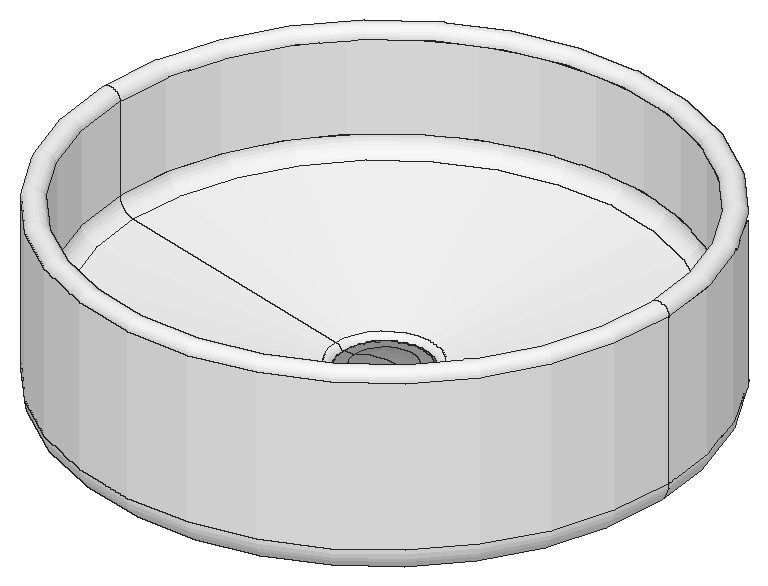
Revit family "113941001_Lavamanos Toscano", category Plumbing Fixtures, host Face, Revit 2020
Family settings
  Host = Face
  Round Connector Dimension = Use Diameter
  Part Type = Normal
  OmniClass Number = 23.31.13.11
  OmniClass Title = Single Sinks
  Cut with Voids When Loaded = No
  Shared = No
  Room Calculation Point = No
Parameters
  Uso = "Residencial"  # constant formula
  URL = "https://corona.co/productos/lavamanos/lavamanos-toscano-para-sobreponer-con-desague/p/113941001"
  Referencia = "113941001"  # constant formula
  Profundidad del Pozo = "10.7 cm"  # constant formula
  Profundidad = 342 mm
  Pozo = "34.2 cms x 34.2 cms x 10.7 cms."  # constant formula
  Peso = "11 lbs. (5.2 kg)."  # constant formula
  Normatividad = "ASME/ANSI A112.19.2Garantía."  # constant formula
  Model = "Toscano"  # constant formula
  Material 2 = Corona_Acero inoxidable
  Material = Corona_Porcelana_Sanitaria
  Manufacturer = "Corona"  # constant formula
  Garantía = "Garantía Integral de por vida."  # constant formula
  Forma = "Redondo"  # constant formula
  Fecha de creación = "07/04/2021"  # constant formula
  Description = "Está elaborado en porcelana sanitaria y cuenta con el tamaño 34.2 x 34. 2 x 10.7 cm."  # constant formula
  Default Elevation = 1219.2 mm
  Creado por = "BIMBAU"  # constant formula
  Colección = "Minimal ll"  # constant formula
  Ancho = 342 mm
  Alto = 107 mm
Reference planes
  plane 1 "Center (Front/Back)": y = 0
  plane 2: z = 0
  plane 3 "Center (Left/Right)": x = 0
  plane 4: y = -171
  plane 5: y = 171
  plane 6: x = -171
  plane 7: x = 171
  plane 8: z = 107
Forms (mm)
  Extrusion 1, solid, material "Corona_Porcelana_Sanitaria" <- "Material", detail levels coarse
    sketch origin (0, 0, 0) x (1, 0, 0) y (0, 1, 0)
      loop
        line (-171, 171) -> (-171, -171) -> (171, -171) -> (171, 171) -> (-171, 171)
    from 0 to 110.282
  Extrusion 2, solid, not visible
    sketch origin (0, 0, 0) x (1, 0, 0) y (0, 0, 1)
      loop
        circle (0, -289.858) r 30
      loop
        circle (106.342, -196.214) r 20
      loop
        circle (-103.506, -195.363) r 20
    from -171 to -162.347
Dimensions and locks
  equal spacing: plane 6, plane 3 "Center (Left/Right)", plane 7
  "Ancho": plane 6 to plane 7
  equal spacing: plane 4, plane 1 "Center (Front/Back)", plane 5
  "Profundidad": plane 4 to plane 5
  "Alto": plane 8 to host face
  aligned and locked: plane 2 to host face
  aligned and locked: level to host face
Automatic sketch dimensions
  host sketch curve to host sketch curve = 692.292 mm
  host sketch curve to host sketch curve = 642.259 mm
  Extrusion 1 sketch curve to plane 4 = 0 mm
  Extrusion 1 sketch curve to plane 6 = 0 mm
  Extrusion 1 sketch curve to plane 7 = 0 mm
  plane 5 to Extrusion 1 sketch curve = 0 mm
  Extrusion 2 sketch curve to plane 3 "Center (Left/Right)" = 0 mm
  Extrusion 2 sketch curve to plane 6 = 67.494 mm
  Extrusion 2 sketch curve to plane 7 = 64.658 mm
  Extrusion 2 sketch curve to level = 289.858 mm
  Extrusion 2 sketch curve to Extrusion 2 sketch curve = 93.644 mm
  Extrusion 2 sketch curve to Extrusion 2 sketch curve = 94.495 mm
  radius of Extrusion 2 sketch curve = 30 mm
  radius of Extrusion 2 sketch curve = 20 mm  (x2)
Nested families
  nested 1: "Lavamanos Toscano" at (0, 0, 0), type "Lavamanos Toscano", detail levels medium+fine
  nested 2: "Planta" at (0, 0, 0), type "Planta"
  nested 3: "Frontal" at (0, 0, 0) x (1, 0, 0) z (0, -1, 0), type "Frontal"
  nested 4: "Lateral" at (0, 0, 0) x (0, 1, 0) z (1, 0, 0), type "Lateral"
Connectors
  piping at (0, 162.347, -289.858), diameter 50.8
    settings: on Extrusion 2, index 1, connector inside diameter 609.6 mm, connector length 0 mm, flow factor 0, pipe flow 0.0 L/s, pressure drop 0.0 Pa, fitting loss kfactor 0, connector angle 0.00°, fixture units 0, engagement length 0 mm, angle of deflection 0.00°, flow configuration 0, flow direction 2, fitting loss method 0, system type 16, joint type 0, gender type 0, connector reference index -1, connector utility 0, adjustable connector no, is connector primary yes, connector description ""
  piping at (106.342, 162.347, -196.214), diameter 50.8
    settings: on Extrusion 2, index 2, connector inside diameter 609.6 mm, connector length 0 mm, flow factor 0, pipe flow 0.0 L/s, pressure drop 0.0 Pa, fitting loss kfactor 0, connector angle 0.00°, fixture units 0, engagement length 0 mm, angle of deflection 0.00°, flow configuration 0, flow direction 1, fitting loss method 0, system type 16, joint type 0, gender type 0, connector reference index -1, connector utility 0, adjustable connector no, is connector primary no, connector description ""
  piping at (-103.506, 162.347, -195.363), diameter 50.8
    settings: on Extrusion 2, index 3, connector inside diameter 609.6 mm, connector length 0 mm, flow factor 0, pipe flow 0.0 L/s, pressure drop 0.0 Pa, fitting loss kfactor 0, connector angle 0.00°, fixture units 0, engagement length 0 mm, angle of deflection 0.00°, flow configuration 0, flow direction 1, fitting loss method 0, system type 16, joint type 0, gender type 0, connector reference index -1, connector utility 0, adjustable connector no, is connector primary no, connector description ""
Definition of nested family "Lavamanos Toscano"
  Parameters (values of type "Lavamanos Toscano")
    Material 2 = none
    Material = none
    Default Elevation = 0 mm
  Reference planes
    plane 1 "Center (Front/Back)": y = 0
    plane 2: z = 0
    plane 3 "Center (Left/Right)": x = 0
    plane 4: y = 171
    plane 5: y = -171
    plane 6: x = 171
    plane 7: x = -171
    plane 8: z = 107
  Forms (mm)
    Sweep 1, solid, material <- "Material"
      path origin (0, 0, 0) x (1, 0, 0) y (0, 1, 0)
        loop
          circle (0, 0) r 171
      profile origin (0, 171, 0) x (0, -1, 0) y (0, 0, 1)
        loop
          line (0, 104.757) -> (0, 15)
          arc (0, 15) -> (4.393, 4.393) -> (15, 0) r 15
          line (15, 0) -> (146, 0) -> (146, 15.738)
          arc (146, 15.738) -> (144.858, 18.918) -> (141.954, 20.646) r 5
          line (141.954, 20.646) -> (20.092, 44.334)
          arc (20.092, 44.334) -> (14.284, 47.789) -> (12, 54.15) r 10
          line (12, 54.15) -> (12, 104.757)
          arc (12, 104.757) -> (6, 110.757) -> (0, 104.757) r 6
    Revolve 2, solid, material <- "Material 2"
      sketch origin (0, 0, 0) x (1, 0, 0) y (0, 0, 1)
        loop
          line (-25, 17.109) -> (-25, 16.079) -> (-25, 0) -> (0, 0) -> (0, 22.186)
          arc (0, 22.186) -> (-8.674, 21.346) -> (-17.026, 18.86) r 45.243
          line (-17.026, 18.86) -> (-17.026, 18.079) -> (-24.031, 18.079)
          arc (-24.031, 18.079) -> (-24.716, 17.795) -> (-25, 17.109) r 0.969
        axis (0, 22.186) -> (0, 0)
      angle from 0 to 360
  Dimensions and locks
    plane 7 to plane 6 = 342 mm
    plane 5 to plane 4 = 342 mm
    aligned and locked: level to plane 2
Definition of nested family "Planta"
  Reference planes
    plane 1 "Center (Front/Back)": y = 0
    plane 2: z = 0
    plane 3 "Center (Left/Right)": x = 0
    plane 4: x = 171
    plane 5: x = -171
    plane 6: y = 171
    plane 7: y = -171
  Lines and regions (mm)
    Filled region 1, type "Concrete", in view "Ref. Level"
      outline origin (0, 0, 0) x (1, 0, 0) y (0, 1, 0)
        loop
          circle (0, 0) r 171
    detail lines, in view "Ref. Level"
      curve 1: circle (0, 0, 0) r 159 normal (0, 0, 1)
      curve 2: circle (0, 0, 0) r 18 normal (0, 0, 1)
      curve 3: circle (0, 0, 0) r 23 normal (0, 0, 1)
Definition of nested family "Frontal"
  Reference planes
    plane 1 "Center (Front/Back)": y = 0
    plane 2: z = 0
    plane 3 "Center (Left/Right)": x = 0
    plane 4: y = 107
    plane 5: x = 171
    plane 6: x = -171
  Lines and regions (mm)
    Filled region 1, type "Concrete", in view "Ref. Level"
      outline origin (0, 0, 0) x (1, 0, 0) y (0, 1, 0)
        loop
          line (-171, 92) -> (-171, 10)
          arc (-171, 10) -> (-168.071, 2.929) -> (-161, 0) r 10
          line (-161, 0) -> (161, 0)
          arc (161, 0) -> (168.071, 2.929) -> (171, 10) r 10
          line (171, 10) -> (171, 92)
          arc (171, 92) -> (166.607, 102.607) -> (156, 107) r 15
          line (156, 107) -> (-156, 107)
          arc (-156, 107) -> (-166.607, 102.607) -> (-171, 92) r 15
    detail lines, in view "Ref. Level"
      curve 1: line (-171, 92, 0) -> (171, 92, 0)
Definition of nested family "Lateral"
  Reference planes
    plane 1 "Center (Front/Back)": y = 0
    plane 2: z = 0
    plane 3 "Center (Left/Right)": x = 0
    plane 4: y = 107
    plane 5: x = 171
    plane 6: x = -171
  Lines and regions (mm)
    Filled region 1, type "Concrete", in view "Ref. Level"
      outline origin (0, 0, 0) x (1, 0, 0) y (0, 1, 0)
        loop
          arc (-156, 107) -> (-166.607, 102.607) -> (-171, 92) r 15
          line (-171, 92) -> (-171, 10)
          arc (-171, 10) -> (-168.071, 2.929) -> (-161, 0) r 10
          line (-161, 0) -> (161, 0)
          arc (161, 0) -> (168.071, 2.929) -> (171, 10) r 10
          line (171, 10) -> (171, 92)
          arc (171, 92) -> (166.607, 102.607) -> (156, 107) r 15
          line (156, 107) -> (-156, 107)
    detail lines, in view "Ref. Level"
      curve 1: line (-171, 92, 0) -> (171, 92, 0)
